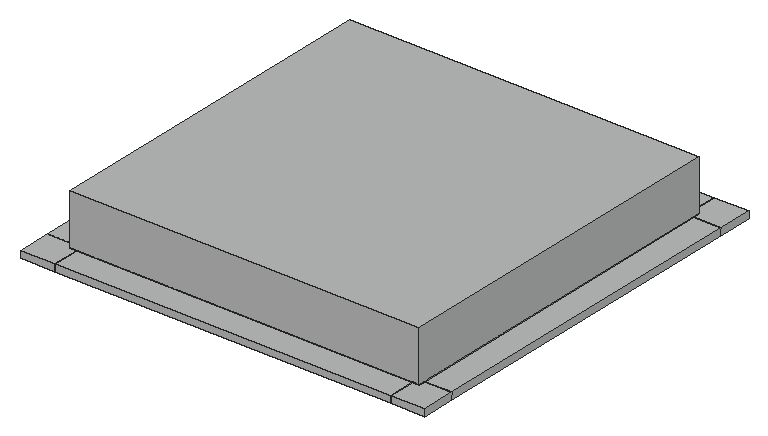
Revit family "ALUMOGIPS", category Осветительные приборы, Revit 2019 (continued)
Types (72, lengths in mm): name | Файл фотометрической сетки | built-in parameter 1150105 | Lumens | built-in parameter 1150106 | built-in parameter 1150142 | Wattage | Emit from Rectangle Width | Emit from Rectangle Length | Длина | Материал светильника | Ширина | ADSK_Ток | ADSK_Полная мощность | ADSK_Обозначение | ADSK_Номинальная мощность | ADSK_Наименование | ADSK_Масса | ADSK_Код изделия
    11 1868.312 1791.854 1713.926 1634.135 1552.777 1470.437 1386.726 1300.368 1212.442 1126.378 1039.530 952.486 865.638 778.692 692.922 607.740 524.225 \r\n443.259 364.938 290.441 220.159 153.013 92.533 38.425 3.823 3.725 3.627 3.529 3.431 3.332 3.332 3.234 3.137 3.039 2.941 2.842 2.744 2.744 2.647 2.549 2.450 2.352 2.254 2.157 2.157 2.059 1.960 1.862 \r\n1.764 1.667 1.569 1.569 1.470 1.372 1.274 1.177 1.078 0.980 0.882 0.882 0.784 0.687 0.588 0.490 0.392 0.294 0.294 0.196 0.098 0.000 \r\n2755.907 2756.200 2750.614 2742.771 2727.088 2708.268 2685.330 2656.610 2624.360 2586.327 2543.295 2497.518 2448.899 2396.360 2339.506 2279.909 2218.644 2152.185 \r\n2084.255 2013.974 1941.731 1867.331 1790.873 1712.946 1633.253 1551.895 1469.457 1385.942 1299.486 1211.658 1125.692 1038.844 951.898 865.050 778.201 692.432 607.348 523.931 \r\n442.964 364.743 290.343 220.061 152.916 92.533 38.425 3.823 3.725 3.627 3.529 3.431 3.332 3.332 3.234 3.137 3.039 2.941 2.842 2.744 2.744 2.647 2.549 2.450 2.352 2.254 2.157 2.157 2.059 1.960 1.862 \r\n1.764 1.667 1.569 1.470 1.470 1.372 1.274 1.177 1.078 0.980 0.882 0.882 0.784 0.687 0.588 0.490 0.392 0.294 0.294 0.196 0.098 0.000 \r\n2755.907 2756.102 2750.516 2742.478 2726.793 2707.875 2684.742 2656.022 2623.674 2585.641 2542.609 2496.833 2448.116 2395.575 2338.624 2279.027 2217.664 2151.205 \r\n2083.275 2012.993 1940.750 1866.351 1789.893 1711.966 1632.273 1550.915 1468.575 1385.060 1298.604 1210.776 1124.908 1038.158 951.211 864.462 777.614 691.942 606.957 523.637 \r\n442.670 364.546 290.147 219.963 152.818 92.435 38.327 3.823 3.725 3.627 3.529 3.431 3.332 3.332 3.234 3.137 3.039 2.941 2.842 2.744 2.744 2.647 2.549 2.450 2.352 2.254 2.157 2.157 2.059 1.960 1.862 \r\n1.764 1.667 1.569 1.470 1.470 1.372 1.274 1.177 1.078 0.980 0.882 0.882 0.784 0.687 0.588 0.490 0.392 0.294 0.294 0.196 0.098 0.000 \r\n2755.907 2756.005 2750.417 2742.183 2726.500 2707.385 2684.252 2655.433 2622.988 2584.955 2541.923 2496.146 2447.331 2394.693 2337.839 2278.144 2216.684 2150.322 \r\n2082.295 2012.013 1939.770 1865.370 1788.913 1710.985 1631.293 1550.032 1467.693 1384.178 1297.624 1209.991 1124.124 1037.472 950.624 863.972 777.123 691.550 606.564 523.245 \r\n442.474 364.350 289.951 219.865 152.719 92.435 38.229 3.823 3.725 3.627 3.529 3.431 3.332 3.332 3.234 3.137 3.039 2.941 2.842 2.744 2.744 2.647 2.549 2.450 2.352 2.254 2.157 2.059 2.059 1.960 1.862 \r\n1.764 1.667 1.569 1.470 1.470 1.372 1.274 1.177 1.078 0.980 0.882 0.882 0.784 0.687 0.588 0.490 0.392 0.294 0.294 0.196 0.098 0.000 \r\n2755.907 2755.808 2750.319 2741.987 2726.108 2706.993 2683.762 2654.845 2622.302 2584.269 2541.237 2495.363 2446.547 2393.811 2336.958 2277.262 2215.704 2149.342 \r\n2081.413 2011.033 1938.692 1864.293 1787.835 1710.005 1630.312 1549.051 1466.713 1383.296 1296.742 1209.208 1123.437 1036.688 949.937 863.383 776.633 691.060 606.172 522.951 \r\n442.180 364.154 289.853 219.767 152.621 92.337 38.229 3.823 3.725 3.627 3.529 3.431 3.332 3.234 3.234 3.137 3.039 2.941 2.842 2.744 2.647 2.647 2.549 2.450 2.352 2.254 2.157 2.059 2.059 1.960 1.862 \r\n1.764 1.667 1.569 1.470 1.470 1.372 1.274 1.177 1.078 0.980 0.882 0.882 0.784 0.687 0.588 0.490 0.392 0.294 0.294 0.196 0.098 0.000 \r\n2755.907 2755.710 2750.124 2741.693 2725.813 2706.601 2683.174 2654.355 2621.616 2583.582 2540.551 2494.676 2445.762 2392.929 2336.076 2276.380 2214.724 2148.362 \r\n2080.432 2010.053 1937.712 1863.313 1786.854 1709.025 1629.332 1548.169 1465.831 1382.413 1295.762 1208.325 1122.654 1036.001 949.349 862.795 776.143 690.667 605.780 522.657 \r\n441.887 363.958 289.657 219.571 152.621 92.240 38.130 3.823 3.725 3.627 3.529 3.431 3.332 3.234 3.234 3.137 3.039 2.941 2.842 2.744 2.647 2.647 2.549 2.450 2.352 2.254 2.157 2.059 2.059 1.960 1.862 \r\n1.764 1.667 1.569 1.470 1.470 1.372 1.274 1.177 1.078 0.980 0.882 0.882 0.784 0.687 0.588 0.490 0.392 0.294 0.294 0.196 0.098 0.000 \r\n2755.907 2755.612 2750.025 2741.399 2725.520 2706.209 2682.683 2653.767 2620.929 2582.897 2539.963 2493.892 2444.979 2392.144 2335.194 2275.498 2213.743 2147.480 \r\n2079.452 2009.170 1936.731 1862.333 1785.874 1708.045 1628.352 1547.189 1464.851 1381.531 1294.879 1207.541 1121.869 1035.315 948.664 862.207 775.555 690.177 605.388 522.363 \r\n441.592 363.762 289.461 219.473 152.523 92.240 38.130 3.823 3.725 3.627 3.529 3.431 3.332 3.234 3.234 3.137 3.039 2.941 2.842 2.744 2.647 2.647 2.549 2.450 2.352 2.254 2.157 2.059 2.059 1.960 1.862 \r\n1.764 1.667 1.569 1.470 1.470 1.372 1.274 1.177 1.078 0.980 0.882 0.882 0.784 0.687 0.588 0.490 0.392 0.294 0.294 0.196 0.098 0.000 \r\n2755.907 2755.515 2749.927 2741.203 2725.226 2705.817 2682.095 2653.178 2620.341 2582.210 2539.276 2493.206 2444.195 2391.262 2334.312 2274.616 2212.763 2146.500 \r\n2078.472 2008.190 1935.751 1861.352 1784.894 1707.065 1627.470 1546.307 1463.968 1380.649 1293.997 1206.757 1121.183 1034.629 947.977 861.619 775.065 689.687 604.996 521.971 \r\n441.396 363.468 289.363 219.375 152.426 92.142 38.033 3.823 3.725 3.627 3.529 3.431 3.332 3.234 3.234 3.137 3.039 2.941 2.842 2.744 2.647 2.647 2.549 2.450 2.352 2.254 2.157 2.059 2.059 1.960 1.862 \r\n1.764 1.667 1.569 1.470 1.470 1.372 1.274 1.177 1.078 0.980 0.882 0.882 0.784 0.687 0.588 0.490 0.392 0.294 0.294 0.196 0.098 0.000 \r\n2755.907 2755.417 2749.829 2740.909 2724.931 2705.327 2681.605 2652.591 2619.655 2581.524 2538.590 2492.422 2443.410 2390.380 2333.429 2273.636 2211.783 2145.519 \r\n2077.492 2007.209 1934.771 1860.371 1783.914 1706.084 1626.490 1545.327 1463.086 1379.865 1293.016 1205.874 1120.398 1033.844 947.389 861.031 774.575 689.295 604.603 521.676 \r\n441.102 363.272 289.167 219.277 152.327 92.142 37.935 3.823 3.725 3.627 3.529 3.431 3.332 3.234 3.234 3.137 3.039 2.941 2.842 2.744 2.647 2.647 2.549 2.450 2.352 2.254 2.157 2.059 2.059 1.960 1.862 \r\n1.764 1.667 1.569 1.470 1.470 1.372 1.274 1.177 1.078 0.980 0.882 0.882 0.784 0.687 0.588 0.490 0.392 0.294 0.294 0.196 0.098 0.000 \r\n2755.907 2755.318 2749.633 2740.615 2724.638 2704.934 2681.115 2652.101 2618.969 2580.838 2537.904 2491.735 2442.626 2389.596 2332.547 2272.753 2210.803 2144.637 \r\n2076.512 2006.229 1933.693 1859.294 1782.934 1705.104 1625.510 1544.445 1462.105 1378.982 1292.134 1205.090 1119.713 1033.159 946.703 860.443 774.085 688.805 604.211 521.383 \r\n440.808 363.076 288.971 219.178 152.229 92.043 37.935 3.725 3.725 3.627 3.529 3.431 3.332 3.234 3.137 3.137 3.039 2.941 2.842 2.744 2.647 2.647 2.549 2.450 2.352 2.254 2.157 2.059 2.059 1.960 1.862 \r\n1.764 1.667 1.569 1.470 1.470 1.372 1.274 1.177 1.078 0.980 0.882 0.882 0.784 0.687 0.588 0.490 0.392 0.294 0.294 0.196 0.098 0.000 \r\n2755.907 2755.122 2749.535 2740.321 2724.343 2704.542 2680.527 2651.513 2618.283 2580.152 2537.218 2491.049 2441.842 2388.714 2331.665 2271.871 2209.823 2143.657 \r\n2075.630 2005.249 1932.712 1858.314 1781.953 1704.124 1624.530 1543.465 1461.223 1378.100 1291.252 1204.307 1118.928 1032.472 946.115 859.953 773.497 688.315 603.820 521.088 \r\n440.513 362.879 288.873 219.081 152.229 92.043 37.837 3.725 3.725 3.627 3.529 3.431 3.332 3.234 3.137 3.137 3.039 2.941 2.842 2.744 2.647 2.549 2.549 2.450 2.352 2.254 2.157 2.059 2.059 1.960 1.862 \r\n1.764 1.667 1.569 1.470 1.470 1.372 1.274 1.177 1.078 0.980 0.882 0.882 0.784 0.687 0.588 0.490 0.392 0.294 0.294 0.196 0.098 0.000 \r\n2755.907 2755.025 2749.437 2740.125 2724.049 2704.151 2680.037 2650.924 2617.597 2579.466 2536.532 2490.265 2441.058 2387.832 2330.783 2270.989 2208.842 2142.677 \r\n2074.650 2004.367 1931.732 1857.333 1780.973 1703.144 1623.549 1542.582 1460.341 1377.218 1290.272 1203.522 1118.144 1031.786 945.428 859.364 773.007 687.923 603.428 520.696 \r\n440.318 362.684 288.677 218.983 152.131 91.945 37.739 3.725 3.725 3.627 3.529 3.431 3.332 3.234 3.137 3.137 3.039 2.941 2.842 2.744 2.647 2.549 2.549 2.450 2.352 2.254 2.157 2.059 1.960 1.960 1.862 \r\n1.764 1.667 1.569 1.470 1.470 1.372 1.274 1.177 1.078 0.980 0.882 0.882 0.784 0.687 0.588 0.490 0.392 0.294 0.294 0.196 0.098 0.000 \r\n2755.907 2754.926 2749.339 2739.831 2723.756 2703.759 2679.546 2650.434 2617.008 2578.780 2535.845 2489.579 2440.274 2386.950 2329.998 2270.107 2207.862 2141.795 \r\n2073.669 2003.387 1930.752 1856.353 1779.993 1702.164 1622.666 1541.602 1459.361 1376.336 1289.390 1202.640 1117.458 1031.002 944.742 858.776 772.517 687.433 603.036 520.403 \r\n440.023 362.488 288.481 218.885 152.033 91.945 37.739 3.725 3.725 3.627 3.529 3.431 3.332 3.234 3.137 3.137 3.039 2.941 2.842 2.744 2.647 2.549 2.549 2.450 2.352 2.254 2.157 2.059 1.960 1.960 1.862 \r\n1.764 1.667 1.569 1.470 1.470 1.372 1.274 1.177 1.078 0.980 0.882 0.882 0.784 0.687 0.588 0.490 0.392 0.294 0.294 0.196 0.098 0.000 \r\n2755.907 2754.828 2749.241 2739.537 2723.363 2703.269 2678.959 2649.846 2616.323 2578.093 2535.160 2488.795 2439.489 2386.165 2329.116 2269.224 2206.882 2140.815 \r\n2072.689 2002.407 1929.772 1855.373 1778.915 1701.183 1621.686 1540.720 1458.479 1375.453 1288.409 1201.856 1116.674 1030.316 944.154 858.188 772.027 687.041 602.643 520.108 \r\n439.730 362.292 288.382 218.786 151.936 91.847 37.640 3.725 3.725 3.627 3.529 3.431 3.332 3.234 3.137 3.137 3.039 2.941 2.842 2.744 2.647 2.549 2.549 2.450 2.352 2.254 2.157 2.059 1.960 1.960 1.862 \r\n1.764 1.667 1.569 1.470 1.372 1.372 1.274 1.177 1.078 0.980 0.882 0.882 0.784 0.687 0.588 0.490 0.392 0.294 0.294 0.196 0.098 0.000 \r\n2755.907 2754.730 2749.045 2739.340 2723.069 2702.877 2678.469 2649.258 2615.636 2577.407 2534.571 2488.108 2438.706 2385.283 2328.234 2268.342 2205.902 2139.835 \r\n2071.709 2001.426 1928.693 1854.295 1777.934 1700.105 1620.706 1539.739 1457.596 1374.571 1287.527 1201.071 1115.889 1029.630 943.468 857.600 771.438 686.551 602.251 519.814 \r\n439.435 362.096 288.187 218.688 151.837 91.750 37.640 3.725 3.627 3.627 3.529 3.431 3.332 3.234 3.137 3.137 3.039 2.941 2.842 2.744 2.647 2.549 2.549 2.450 2.352 2.254 2.157 2.059 1.960 1.960 1.862 \r\n1.764 1.667 1.569 1.470 1.372 1.372 1.274 1.177 1.078 0.980 0.882 0.882 0.784 0.687 0.588 0.490 0.392 0.294 0.294 0.196 0.098 0.000 \r\n2755.907 2754.632 2748.947 2739.047 2722.774 2702.484 2677.979 2648.669 2614.950 2576.721 2533.885 2487.325 2437.921 2384.401 2327.352 2267.460 2204.922 2138.952 \r\n2070.729 2000.446 1927.713 1853.314 1776.954 1699.125 1619.726 1538.857 1456.616 1373.787 1286.645 1200.189 1115.204 1028.943 942.880 857.012 770.948 686.061 601.859 519.422 \r\n439.240 361.899 287.991 218.590 151.837 91.750 37.543 3.725 3.627 3.627 3.529 3.431 3.332 3.234 3.137 3.039 3.039 2.941 2.842 2.744 2.647 2.549 2.549 2.450 2.352 2.254 2.157 2.059 1.960 1.960 1.862 \r\n1.764 1.667 1.569 1.470 1.372 1.372 1.274 1.177 1.078 0.980 0.882 0.882 0.784 0.687 0.588 0.490 0.392 0.294 0.294 0.196 0.098 0.000 \r\n2755.907 2754.436 2748.849 2738.752 2722.481 2702.092 2677.391 2648.179 2614.264 2576.035 2533.199 2486.638 2437.137 2383.616 2326.469 2266.578 2203.941 2137.971 \r\n2069.846 1999.466 1926.733 1852.334 1775.974 1698.145 1618.746 1537.877 1455.734 1372.905 1285.665 1199.405 1114.419 1028.160 942.194 856.424 770.458 685.668 601.467 519.128 \r\n438.945 361.606 287.892 218.493 151.739 91.651 37.445 3.725 3.627 3.627 3.529 3.431 3.332 3.234 3.137 3.039 3.039 2.941 2.842 2.744 2.647 2.549 2.549 2.450 2.352 2.254 2.157 2.059 1.960 1.960 1.862 \r\n1.764 1.667 1.569 1.470 1.372 1.372 1.274 1.177 1.078 0.980 0.882 0.882 0.784 0.687 0.588 0.490 0.392 0.294 0.294 0.196 0.098 0.000 \r\n2755.907 2754.338 2748.751 2738.557 2722.187 2701.700 2676.901 2647.592 2613.676 2575.251 2532.513 2485.854 2436.352 2382.734 2325.587 2265.696 2202.961 2136.991 \r\n2068.866 1998.584 1925.753 1851.354 1774.994 1697.164 1617.864 1536.995 1454.852 1372.023 1284.783 1198.621 1113.635 1027.473 941.606 855.934 769.968 685.178 601.074 518.834 \r\n438.651 361.409 287.697 218.395 151.641 91.651 37.445 3.725 3.627 3.627 3.529 3.431 3.332 3.234 3.137 3.039 3.039 2.941 2.842 2.744 2.647 2.549 2.450 2.450 2.352 2.254 2.157 2.059 1.960 1.960 1.862 \r\n1.764 1.667 1.569 1.470 1.372 1.372 1.274 1.177 1.078 0.980 0.882 0.784 0.784 0.687 0.588 0.490 0.392 0.294 0.294 0.196 0.098 0.000 \r\n2755.907 2754.240 2748.652 2738.262 2721.892 2701.210 2676.410 2647.004 2612.989 2574.564 2531.826 2485.168 2435.569 2381.852 2324.705 2264.813 2201.981 2136.109 \r\n2067.885 1997.604 1924.674 1850.276 1774.014 1696.184 1616.883 1536.015 1453.872 1371.141 1283.901 1197.739 1112.949 1026.788 940.919 855.345 769.380 684.688 600.682 518.539 \r\n438.358 361.214 287.500 218.296 151.543 91.553 37.347 3.725 3.627 3.627 3.529 3.431 3.332 3.234 3.137 3.039 3.039 2.941 2.842 2.744 2.647 2.549 2.450 2.450 2.352 2.254 2.157 2.059 1.960 1.960 1.862 \r\n1.764 1.667 1.569 1.470 1.372 1.372 1.274 1.177 1.078 0.980 0.882 0.784 0.784 0.687 0.588 0.490 0.392 0.294 0.294 0.196 0.098 0.000 \r\n2755.907 2754.142 2748.457 2737.968 2721.599 2700.818 2675.822 2646.415 2612.304 2573.879 2531.141 2484.482 2434.785 2380.970 2323.823 2263.931 2201.001 2135.129 \r\n2066.905 1996.624 1923.694 1849.295 1773.033 1695.204 1615.903 1535.132 1452.990 1370.259 1282.921 1196.954 1112.165 1026.101 940.234 854.757 768.890 684.296 600.291 518.147 \r\n438.161 361.017 287.402 218.100 151.445 91.553 37.248 3.725 3.627 3.529 3.529 3.431 3.332 3.234 3.137 3.039 3.039 2.941 2.842 2.744 2.647 2.549 2.450 2.450 2.352 2.254 2.157 2.059 1.960 1.960 1.862 \r\n1.764 1.667 1.569 1.470 1.372 1.372 1.274 1.177 1.078 0.980 0.882 0.784 0.784 0.687 0.588 0.490 0.392 0.294 0.294 0.196 0.098 0.000 \r\n2755.907 2754.044 2748.359 2737.675 2721.304 2700.425 2675.332 2645.925 2611.617 2573.192 2530.454 2483.697 2434.000 2380.185 2322.940 2263.049 2200.021 2134.149 \r\n2065.925 1995.642 1922.714 1848.315 1772.053 1694.224 1614.923 1534.152 1452.107 1369.377 1282.038 1196.170 1111.380 1025.316 939.645 854.170 768.399 683.806 599.899 517.854 \r\n437.868 360.822 287.207 218.003 151.445 91.455 37.248 3.725 3.627 3.529 3.529 3.431 3.332 3.234 3.137 3.039 3.039 2.941 2.842 2.744 2.647 2.549 2.450 2.450 2.352 2.254 2.157 2.059 1.960 1.862 1.862 \r\n1.764 1.667 1.569 1.470 1.372 1.372 1.274 1.177 1.078 0.980 0.882 0.784 0.784 0.687 0.588 0.490 0.392 0.294 0.294 0.196 0.098 0.000 \r\n2755.907 2753.946 2748.260 2737.478 2720.912 2700.033 2674.744 2645.337 2610.931 2572.507 2529.769 2483.012 2433.216 2379.303 2322.156 2262.167 2199.040 2133.267 \r\n2064.945 1994.662 1921.734 1847.335 1770.975 1693.244 1613.943 1533.270 1451.127 1368.494 1281.058 1195.288 1110.695 1024.631 938.959 853.581 767.909 683.414 599.507 517.559 \r\n437.573 360.625 287.010 217.904 151.347 91.455 37.150 3.725 3.627 3.529 3.529 3.431 3.332 3.234 3.137 3.039 2.941 2.941 2.842 2.744 2.647 2.549 2.450 2.450 2.352 2.254 2.157 2.059 1.960 1.862 1.862 \r\n1.764 1.667 1.569 1.470 1.372 1.372 1.274 1.177 1.078 0.980 0.882 0.784 0.784 0.687 0.588 0.490 0.392 0.294 0.294 0.196 0.098 0.000 \r\n2755.907 2753.750 2748.162 2737.185 2720.619 2699.641 2674.254 2644.748 2610.245 2571.820 2529.180 2482.227 2432.432 2378.421 2321.274 2261.284 2198.060 2132.287 \r\n2064.063 1993.682 1920.754 1846.355 1769.995 1692.262 1612.963 1532.290 1450.245 1367.710 1280.176 1194.504 1109.910 1023.944 938.370 852.993 767.419 682.924 599.114 517.265 \r\n437.279 360.429 286.912 217.806 151.249 91.357 37.150 3.725 3.627 3.529 3.529 3.431 3.332 3.234 3.137 3.039 2.941 2.941 2.842 2.744 2.647 2.549 2.450 2.450 2.352 2.254 2.157 2.059 1.960 1.862 1.862 \r\n1.764 1.667 1.569 1.470 1.372 1.372 1.274 1.177 1.078 0.980 0.882 0.784 0.784 0.687 0.588 0.490 0.392 0.294 0.294 0.196 0.098 0.000 \r\n2755.907 2753.652 2747.967 2736.890 2720.324 2699.151 2673.763 2644.161 2609.657 2571.133 2528.494 2481.542 2431.648 2377.539 2320.392 2260.402 2197.079 2131.307 \r\n2063.083 1992.800 1919.675 1845.276 1769.014 1691.282 1612.081 1531.408 1449.363 1366.828 1279.294 1193.720 1109.126 1023.259 937.685 852.503 766.831 682.434 598.722 516.874 \r\n437.083 360.233 286.717 217.708 151.151 91.260 37.053 3.725 3.627 3.529 3.529 3.431 3.332 3.234 3.137 3.039 2.941 2.941 2.842 2.744 2.647 2.549 2.450 2.450 2.352 2.254 2.157 2.059 1.960 1.862 1.862 \r\n1.764 1.667 1.569 1.470 1.372 1.372 1.274 1.177 1.078 0.980 0.882 0.784 0.784 0.687 0.588 0.490 0.392 0.294 0.294 0.196 0.098 0.000 \r\n2755.907 275
